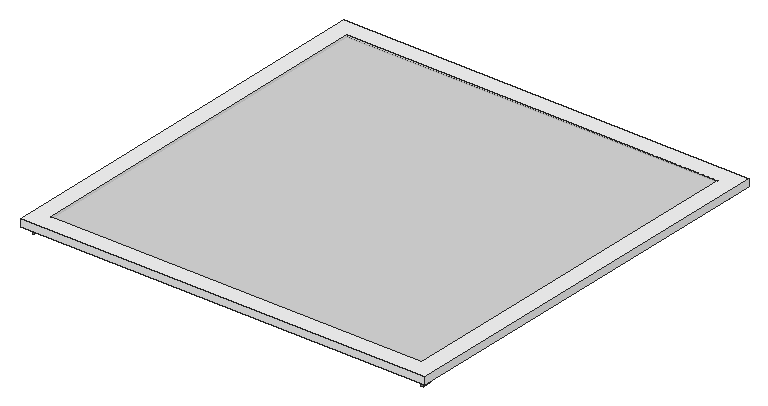
Revit family "0047643 Feilo Sylvania Lighting Fixtures START FLAT LO 600 4000K G2", category Lighting Fixtures, host Face, Revit 2017
Family settings
  Host = Face
  Round Connector Dimension = Use Diameter
  Part Type = Normal
  OmniClass Number = 23.80.70.11.17
  OmniClass Title = Specialized Lighting by Location or Use
  Cut with Voids When Loaded = No
  Light Source = Yes
  Shared = No
  Room Calculation Point = No
Parameters (values of type "0047643 START FLAT LO 600 4000K G2")
  Weight = "12.25 kg"
  Wattage = 30 W
  WarrantyStartDate [instance] = "n/a"
  WarrantyGuarantorParts = "n/a"
  WarrantyDurationUnit = "n/a"
  WarrantyDurationParts = "n/a"
  WarrantyDescription = "n/a"
  built-in parameter 1150110 = 1 (stored number, unit not read)
  Voltage = 230 V
  URL = "http://www.sylvania-lighting.com"
  TypeName = "START FLAT LO 600 4000K G2"
  built-in parameter 1114217 = 1 (stored number, unit not read)
  Tilt Angle = -90.00°
  built-in parameter 1150109 = 1 (stored number, unit not read)
  built-in parameter 1150134 = 12
  built-in parameter 1150113 = 1 (stored number, unit not read)
  SerialNumber [instance] = "n/a"
  PowerFactor = 0.9
  PowerConsumption = "30 W"
  Photometric Web File = "0047643.ies"
  NominalWidth = 0.0 mm
  NominalLength = 595.0 mm
  NominalHeight = 10.5 mm
  Name = "START FLAT LO 600 4000K G2"
  ModelReference = "START FLAT LO 600 4000K G2"
  ModelNumber = "0047643"
  Material = "aluminium housing, pmma diffuser"
  ManufacturerName = "Feilo Sylvania"
  LuminousEfficacy = "102 lm/W"
  LuminaireType = ""
  LightOutputRatio = "n/a"
  LampsType = Lamp  # "Integrated LED"
  LampNominalLuminous = "3000 lm"
  LampMacAdamStep = "3"
  LampColourTemperature = "4000 K"
  LampColourRenderingIndex = "80"
  Keynote = "16500"
  InstallationDate [instance] = "n/a"
  InputVoltage = "220-240V~"
  InputNominalFrequency = "50/60 Hz"
  IngressProtection = "IP20"
  ImpactProtectionIndex = "IK03"
  IfcExportType = "IfcLightFixtureType"
  IfcExportAs = "IfcLightFixtureType"
  ExpectedLife = 50000
  ElectricShockClassification = "Class II"
  DurationUnit = "hours"
  DocumentationLiterature = "http://www.sylvania-lighting.com/product/en-int/products/0047643"
  DimmingControlOptions = "n/a"
  DiffuserMaterial = Polycarbonate_Sylvania_Startflat Panel LED_Opal
  Cutout Width = 574.0 mm
  Cutout Length = 574.0 mm
  CreatedOn = "11/30/2017"
  CreatedBy = ""
  built-in parameter 1114216 [instance] = 1 (stored number, unit not read)
  Model = "START FLAT LO 600 4000K G2"
  Manufacturer = "Feilo-Sylvania Group"
  built-in parameter 1150105 = 243.51 (stored number, unit not read)
  Lumens = 3060 lm
  built-in parameter 1150115 = 1 (stored number, unit not read)
  built-in parameter 1150137 = (empty or 0)
  built-in parameter 1150139 = (empty or 0)
  built-in parameter 1150112 = 1 (stored number, unit not read)
  built-in parameter 1150114 = 1 (stored number, unit not read)
  Lamp = "Integrated LED"  # constant formula
  built-in parameter 1150132 = 2
  built-in parameter 1150102 = (empty or 0)
  built-in parameter 1150107 = 4000 (stored number, unit not read)
  built-in parameter 1150138 = (empty or 0)
  built-in parameter 1150106 = 2.4351 (stored number, unit not read)
  BodyMaterial = Metal_Sylvania_Startflat Panel LED_White
  Emit from Rectangle Width = 545.0 mm
  Emit from Rectangle Length = 545.0 mm
  Emit Shape Visible in Rendering = no
  built-in parameter 1150104 = 9.4761 (stored number, unit not read)
  Dimming Lamp Color Temperature Shift = <None>
  Description = "Ultra thin LED Panel, excellent uniformity of light, perfect for ceilings with low voids, high efficacy.Ulta thin edgelit LED 600x600mm Panel with, excellent uniform light distribution. Acrylic PMMA diffuser optimising light output whilst reducing glare. 4239lm 93lm/W."  # constant formula
  Default Elevation = 0.0 mm
  Color Filter = 16777215
  built-in parameter 1140040 [instance] = 1
  BarCode [instance] = "n/a"
  built-in parameter 1114218 = 1 (stored number, unit not read)
  built-in parameter 1150133 = 10 (stored number, unit not read)
  AssetType = "Fixed"
  AssetIdentifier [instance] = "n/a"
  Assembly Code = "D5020200"
  Apparent Load = 30 VA
  MountingMaterial = Metal_Sylvania_Startflat Panel LED_Silver
Reference planes
  plane 1 "Center (Front/Back)": y = 0
  plane 2 "Fixture Top": z = 0
  plane 3 "Center (Left/Right)": x = 0
  plane 4: x = 295.5
  plane 5: x = -295.5
  plane 6 "Fixture Back": y = 297.5
  plane 7 "Fixture Front": y = -297.5
  plane 8 "Fixture Left": x = -297.5
  plane 9 "Fixture Right": x = 297.5
  plane 10: y = 295.5
  plane 11: y = -295.5
  plane 12: x = 272.5
  plane 13: x = -272.5
  plane 14: y = 272.5
  plane 15: y = -272.5
  plane 16: x = -287
  plane 17: x = 287
  plane 18: y = 287
  plane 19: y = -287
  plane 20 "Fixture Bottom": z = 10.5
  plane 21: z = 8.5
  plane 22: z = 6.5
  plane 23: z = -10
  plane 24: z = 2
Forms (mm)
  Extrusion 1, void
    sketch origin (0, 0, 60) x (-1, 0, 0) y (0, -1, 0)
      loop
        line (287, -287) -> (287, 287) -> (-287, 287) -> (-287, -287) -> (287, -287)
    from -70 to -60
  Extrusion 2, solid, material "Metal_Sylvania_Startflat Panel LED_White" <- "BodyMaterial", detail levels fine
    sketch origin (0, 0, 60) x (-1, 0, 0) y (0, -1, 0)
      loop
        line (297.5, -297.5) -> (297.5, 297.5) -> (-297.5, 297.5) -> (-297.5, -297.5) -> (297.5, -297.5)
      loop
        line (272.5, -272.5) -> (272.5, 272.5) -> (-272.5, 272.5) -> (-272.5, -272.5) -> (272.5, -272.5)
    from -51.5 to -49.5
  Extrusion 3, solid, material "Metal_Sylvania_Startflat Panel LED_White" <- "BodyMaterial", detail levels fine
    sketch origin (0, 0, 60) x (-1, 0, 0) y (0, -1, 0)
      loop
        line (297.5, -297.5) -> (297.5, 297.5) -> (-297.5, 297.5) -> (-297.5, -297.5) -> (297.5, -297.5)
      loop
        line (295.5, -295.5) -> (295.5, 295.5) -> (-295.5, 295.5) -> (-295.5, -295.5) -> (295.5, -295.5)
    from -60 to -51.5
  Extrusion 4, solid, material "Polycarbonate_Sylvania_Startflat Panel LED_Opal" <- "DiffuserMaterial", detail levels fine
    sketch origin (0, 0, 60) x (-1, 0, 0) y (0, -1, 0)
      loop
        line (295.5, -295.5) -> (295.5, 295.5) -> (-295.5, 295.5) -> (-295.5, -295.5) -> (295.5, -295.5)
    from -53.5 to -51.5
  Extrusion 5, solid, material "Metal_Sylvania_Startflat Panel LED_Silver" <- "MountingMaterial", detail levels fine
    sketch origin (0, 0, 60) x (-1, 0, 0) y (0, -1, 0)
      loop
        line (287, -287) -> (287, -272.5) -> (284, -272.5) -> (284, -287) -> (287, -287)
      loop
        line (-284, -287) -> (-284, -272.5) -> (-287, -272.5) -> (-287, -287) -> (-284, -287)
      loop
        line (-284, 272.5) -> (-284, 287) -> (-287, 287) -> (-287, 272.5) -> (-284, 272.5)
      loop
        line (284, 272.5) -> (287, 272.5) -> (287, 287) -> (284, 287) -> (284, 272.5)
    from -70 to -60
  Extrusion 6, solid, material "Metal_Sylvania_Startflat Panel LED_White" <- "BodyMaterial", detail levels fine
    sketch origin (0, 0, 60) x (-1, 0, 0) y (0, -1, 0)
      loop
        line (297.5, -297.5) -> (297.5, 297.5) -> (-297.5, 297.5) -> (-297.5, -297.5) -> (297.5, -297.5)
    from -60 to -58
  Extrusion 7, solid, material "Metal_Sylvania_Startflat Panel LED_White" <- "BodyMaterial", detail levels coarse+medium
    sketch origin (0, 0, 60) x (-1, 0, 0) y (0, -1, 0)
      loop
        line (297.5, -297.5) -> (297.5, 297.5) -> (-297.5, 297.5) -> (-297.5, -297.5) -> (297.5, -297.5)
    from -60 to -49.5
Cuts and joins
  joined: Extrusion 2, Extrusion 3, Extrusion 6
Dimensions and locks
  equal spacing: plane 6 "Fixture Back", plane 1 "Center (Front/Back)", plane 7 "Fixture Front"
  locked: plane 6 "Fixture Back" to plane 7 "Fixture Front" at 595
  equal spacing: plane 8 "Fixture Left", plane 3 "Center (Left/Right)", plane 9 "Fixture Right"
  locked: plane 8 "Fixture Left" to plane 9 "Fixture Right" at 595
  locked: plane 8 "Fixture Left" to plane 5 at 2
  locked: plane 4 to plane 9 "Fixture Right" at 2
  locked: plane 6 "Fixture Back" to plane 10 at 2
  locked: plane 11 to plane 7 "Fixture Front" at 2
  locked: plane 12 to plane 9 "Fixture Right" at 25
  locked: plane 8 "Fixture Left" to plane 13 at 25
  locked: plane 6 "Fixture Back" to plane 14 at 25
  locked: plane 15 to plane 7 "Fixture Front" at 25
  equal spacing: plane 16, plane 3 "Center (Left/Right)", plane 17
  "Cutout Length": plane 16 to plane 17
  equal spacing: plane 18, plane 1 "Center (Front/Back)", plane 19
  "Cutout Width": plane 18 to plane 19
  locked: plane 20 "Fixture Bottom" to plane 2 "Fixture Top" at 10.5
  plane 20 "Fixture Bottom" to plane 21 to plane 22 = 2.0 mm locked, 2.0 mm locked
  locked: plane 2 "Fixture Top" to plane 23 at 10
  locked: plane 16 to Extrusion 5 sketch curve at 3
  locked: Extrusion 5 sketch curve to plane 17 at 3
  locked: plane 24 to plane 2 "Fixture Top" at 2
  aligned and locked: level to host face
  aligned and locked: imposter light to plane 1 "Center (Front/Back)"
  aligned and locked: plane 2 "Fixture Top" to Extrusion 1
  aligned and locked: Extrusion 2 sketch curve to plane 6 "Fixture Back"
  aligned and locked: plane 8 "Fixture Left" to Extrusion 2 sketch curve
  aligned and locked: plane 7 "Fixture Front" to Extrusion 2 sketch curve
  aligned and locked: Extrusion 2 sketch curve to plane 9 "Fixture Right"
  aligned and locked: Extrusion 2 sketch curve to plane 14
  aligned and locked: plane 13 to Extrusion 2 sketch curve
  aligned and locked: plane 15 to Extrusion 2 sketch curve
  aligned and locked: Extrusion 2 sketch curve to plane 12
  aligned and locked: Extrusion 3 sketch curve to Extrusion 2  (x4)
  aligned and locked: Extrusion 3 sketch curve to plane 10
  aligned and locked: plane 5 to Extrusion 3 sketch curve
  aligned and locked: plane 11 to Extrusion 3 sketch curve
  aligned and locked: Extrusion 3 sketch curve to plane 4
  aligned and locked: Extrusion 4 sketch curve to cut or joined group of Extrusion 2, Extrusion 3, Extrusion 6  (x4)
  aligned and locked: plane 16 to Extrusion 1 sketch curve
  aligned and locked: Extrusion 1 sketch curve to plane 17
  aligned and locked: Extrusion 1 sketch curve to plane 18
  aligned and locked: plane 19 to Extrusion 1 sketch curve
  aligned and locked: plane 20 "Fixture Bottom" to cut or joined group of Extrusion 2, Extrusion 3, Extrusion 6
  aligned and locked: cut or joined group of Extrusion 2, Extrusion 3, Extrusion 6 to plane 21
  aligned and locked: plane 21 to cut or joined group of Extrusion 2, Extrusion 3, Extrusion 6
  aligned and locked: cut or joined group of Extrusion 2, Extrusion 3, Extrusion 6 to plane 2 "Fixture Top"
  aligned and locked: plane 21 to Extrusion 4
  aligned and locked: Extrusion 4 to plane 22
  aligned and locked: level to plane 2 "Fixture Top"
  aligned and locked: plane 3 "Center (Left/Right)" to imposter light
  aligned and locked: plane 20 "Fixture Bottom" to imposter light
  aligned and locked: Extrusion 5 sketch curve to plane 18  (x2)
  aligned and locked: plane 16 to Extrusion 5 sketch curve
  aligned and locked: cut or joined group of Extrusion 2, Extrusion 3, Extrusion 6 to Extrusion 5 sketch curve  (x3)
  aligned and locked: plane 14 to Extrusion 5 sketch curve
  aligned and locked: Extrusion 5 sketch curve to plane 17  (x2)
  aligned and locked: plane 19 to Extrusion 5 sketch curve
  aligned and locked: Extrusion 5 sketch curve to plane 19
  aligned and locked: Extrusion 5 sketch curve to plane 16
  aligned and locked: Extrusion 5 to plane 23
  aligned and locked: Extrusion 5 sketch curve to Extrusion 5 sketch curve  (x2)
  aligned and locked: Extrusion 6 sketch curve to cut or joined group of Extrusion 2, Extrusion 3, Extrusion 6  (x4)
  aligned and locked: Extrusion 6 to plane 2 "Fixture Top"
  aligned and locked: plane 24 to Extrusion 6
  aligned and locked: plane 2 "Fixture Top" to Extrusion 5
  aligned and locked: Extrusion 7 sketch curve to cut or joined group of Extrusion 2, Extrusion 3, Extrusion 6  (x4)
  aligned and locked: Extrusion 7 to plane 2 "Fixture Top"
  aligned and locked: plane 20 "Fixture Bottom" to Extrusion 7
  aligned and locked: Extrusion 1 to Extrusion 5
Automatic sketch dimensions
  host sketch curve to host sketch curve = 1461.012 mm
  host sketch curve to host sketch curve = 1283.632 mm
Connectors
  electrical at (0, 0, 0), driven by "Apparent Load"
    settings: on cut or joined group of Extrusion 2, Extrusion 3, Extrusion 6, index 1, voltage 230 V, apparent load 0 VA, apparent load phase1 30 VA, apparent load phase2 0 VA, apparent load phase3 0 VA, power factor 1, load classification "Lighting", number of poles 1, system type 31, power factor state 1, is connector primary yes, connector utility no, sub classification motor no, connector description ""
